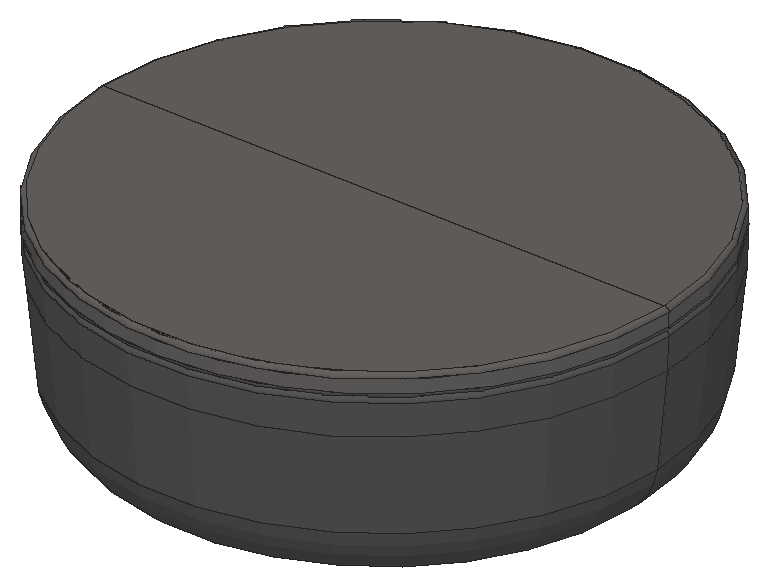
Revit family "Accessory-Remote_Puck-KOHLER-Parallel-K-29341T", category Specialty Equipment, host Face, Revit 2021
Family settings
  Host = Face
  Round Connector Dimension = Use Diameter
  Part Type = Normal
  OmniClass Number = 23.31.25.00
  OmniClass Title = Toilet and Bath Specialties
  Cut with Voids When Loaded = No
  Shared = No
  Room Calculation Point = No
Parameters (values of type "7-Black Black")
  Width = 2 143/256"  # constant formula
  WaterSense Certified = 1 = 0  # no
  URL = "http://www.kohler.com.cn/"
  Type = 1
  Product Page URL = ""
  Product Name = "Parallel"  # constant formula
  Product Documentation Link = ""
  Model = "K-29341T-7"  # constant formula
  Material = "Plastic"  # constant formula
  Master Format 2014 Name = "Toilet, Bath, and Laundry Accessories"  # constant formula
  Master Format 2014 = "10 28 00"  # constant formula
  Manufacturer Address = "Kohler Beijing Office (100016)36-2-03-B, No. 88, Liuxiang Road, Beijing"  # constant formula
  Manufacturer = "Kohler Co."  # constant formula
  Length = 243/256"  # constant formula
  Height = 2 143/256"  # constant formula
  Finish = Kohler-Plastic-7-Black_Black
  Environmental Product Declaration = ""
  Description = "Remote Puck"  # constant formula
  Default Elevation = 42"
  Declare Label = ""
  Date Modified = "10/20/2023"  # constant formula
  Date Created = "10/20/2023"  # constant formula
  Copyright = "Copyright Kohler Co."  # constant formula
  Contact Us = "http://www.kohler.com.cn/contact/contact-us/"
  Assembly Code = "C1030200"
  ADA Compliant = 1 = 0  # no
Reference planes (in)
  plane 1 "Center (Front/Back)": y = 0
  plane 2: z = 0
  plane 3 "Center (Left/Right)": x = 0
  plane 4: y = -1.27953
  plane 5: y = 1.27907
  plane 6: x = -1.27953
  plane 7: x = 1.27907
  plane 8: z = 0.94922
  plane 9: z = 0.85079
  plane 10: z = 0.01576
Dimensions and locks (in)
  "Width": plane 6 to plane 7
  "Height": plane 5 to plane 4
  "Length": plane 8 to level
  plane 8 to plane 9 = 0.09843"
  aligned and locked: plane 2 to host face
  aligned and locked: level to host face
Automatic sketch dimensions
  host sketch curve to host sketch curve = 96"  (x2)
Nested families (in)
  nested 1: "K-29341T" at (0, 0, 0), type "K-29341T"
Definition of nested family "K-29341T"
  Parameters (values of type "K-29341T")
    Material = none
    Default Elevation = 0"
  Reference planes (in)
    plane 1 "Center (Front/Back)": y = 0
    plane 2: z = 0
    plane 3 "Center (Left/Right)": x = 0
    plane 4: y = 1.27953
    plane 5: y = -1.27953
    plane 6: x = -1.27953
    plane 7: x = 1.27953
    plane 8: z = 0.94883
    plane 9: z = 0.01576
    plane 10: z = 0.8504
  Forms (in)
    Revolve 1, solid, detail levels medium+fine
      sketch origin (0, 0, 0) x (1, 0, 0) y (0, 0, 1)
        loop
          line (0, 0.07644) -> (0, 0.03109) -> (0.71909, 0.03109) -> (0.71909, 0) -> (0.85351, 0)
          arc (0.85351, 0) -> (0.86743, 0.00577) -> (0.8732, 0.01969) r 0.01969
          line (0.8732, 0.01969) -> (0.8732, 0.07644) -> (0, 0.07644)
        axis (0, 0.07644) -> (0, 0)
      angle from 0 to 360
    Revolve 2, solid, material <- "Material", detail levels medium+fine
      sketch origin (0, 0, 0) x (1, 0, 0) y (0, 0, 1)
        loop
          line (0, 0.8504) -> (0, 0.07644) -> (0.84684, 0.07644) -> (0.84684, 0.01576) -> (0.91821, 0.01576)
          arc (0.91821, 0.01576) -> (1.12123, 0.08992) -> (1.22864, 0.27749) r 0.31496
          arc (1.22864, 0.27749) -> (1.25749, 0.48439) -> (1.27335, 0.69269) r 3.34139
          line (1.27335, 0.69269) -> (1.27951, 0.83012)
          arc (1.27951, 0.83012) -> (1.27415, 0.84441) -> (1.26012, 0.8504) r 0.01941
          line (1.26012, 0.8504) -> (0, 0.8504)
        axis (0, 0.8504) -> (0, 0.01576)
      angle from 0 to 360
    Revolve 3, solid
      sketch origin (0, 0, 0) x (1, 0, 0) y (0, 0, 1)
        loop
          line (0, 0.8504) -> (1.25984, 0.8504)
          arc (1.25984, 0.8504) -> (1.27376, 0.85617) -> (1.27953, 0.87009) r 0.01969
          line (1.27953, 0.87009) -> (1.27953, 0.92914)
          arc (1.27953, 0.92914) -> (1.27376, 0.94306) -> (1.25984, 0.94883) r 0.01969
          line (1.25984, 0.94883) -> (0, 0.94883) -> (0, 0.8504)
        axis (0, 0.94883) -> (0, 0.8504)
      angle from 0 to 360
    Revolve 4, solid, material <- "Material", detail levels coarse
      sketch origin (0, 0, 0) x (1, 0, 0) y (0, 0, 1)
        loop
          line (0, 0.85051) -> (0, 0) -> (0.94691, 0)
          arc (0.94691, 0) -> (1.16093, 0.08586) -> (1.25628, 0.29583) r 0.30969
          line (1.25628, 0.29583) -> (1.28113, 0.85051) -> (0, 0.85051)
        axis (0, 0.85051) -> (0, 0)
      angle from 0 to 360
  Lines and regions (in)
    Masking region 1
      outline origin (0, 0, 0) x (1, 0, 0) y (0, 1, 0)
        loop
          circle (0, 0) r 1.27953
    Masking region 2
      outline origin (0, 0, 0) x (1, 0, 0) y (0, 0, 1)
        loop
          arc (-1.25984, 0.94883) -> (-1.27376, 0.94306) -> (-1.27953, 0.92914) r 0.01969
          line (-1.27953, 0.92914) -> (-1.27953, 0.87009)
          arc (-1.27953, 0.87009) -> (-1.27383, 0.85623) -> (-1.26003, 0.8504) r 0.01968
          arc (-1.26003, 0.8504) -> (-1.27394, 0.84467) -> (-1.27952, 0.8307) r 0.01932
          arc (-1.27952, 0.8307) -> (-1.26355, 0.55192) -> (-1.22675, 0.27512) r 3.72603
          arc (-1.22675, 0.27512) -> (-1.12034, 0.08925) -> (-0.91917, 0.01576) r 0.31206
          line (-0.91917, 0.01576) -> (-0.87501, 0.01576)
          arc (-0.87501, 0.01576) -> (-0.86491, 0.00427) -> (-0.85022, 0) r 0.02738
          line (-0.85022, 0) -> (0.85022, 0)
          arc (0.85022, 0) -> (0.86491, 0.00427) -> (0.87501, 0.01576) r 0.02738
          line (0.87501, 0.01576) -> (0.91917, 0.01576)
          arc (0.91917, 0.01576) -> (1.12034, 0.08925) -> (1.22675, 0.27512) r 0.31206
          arc (1.22675, 0.27512) -> (1.26355, 0.55192) -> (1.27952, 0.8307) r 3.72603
          arc (1.27952, 0.8307) -> (1.27394, 0.84467) -> (1.26003, 0.8504) r 0.01932
          arc (1.26003, 0.8504) -> (1.27383, 0.85623) -> (1.27953, 0.87009) r 0.01968
          line (1.27953, 0.87009) -> (1.27953, 0.92914)
          arc (1.27953, 0.92914) -> (1.27376, 0.94306) -> (1.25984, 0.94883) r 0.01969
          line (1.25984, 0.94883) -> (-1.25984, 0.94883)
    Masking region 3
      outline origin (0, 0, 0) x (0, 1, 0) y (0, 0, 1)
        loop
          line (1.25984, 0.94883) -> (-1.25984, 0.94883)
          arc (-1.25984, 0.94883) -> (-1.27376, 0.94306) -> (-1.27953, 0.92914) r 0.01969
          line (-1.27953, 0.92914) -> (-1.27953, 0.87009)
          arc (-1.27953, 0.87009) -> (-1.27383, 0.85623) -> (-1.26003, 0.8504) r 0.01968
          arc (-1.26003, 0.8504) -> (-1.27394, 0.84467) -> (-1.27952, 0.8307) r 0.01932
          arc (-1.27952, 0.8307) -> (-1.26355, 0.55192) -> (-1.22675, 0.27512) r 3.72603
          arc (-1.22675, 0.27512) -> (-1.12034, 0.08925) -> (-0.91917, 0.01576) r 0.31206
          line (-0.91917, 0.01576) -> (-0.87501, 0.01576)
          arc (-0.87501, 0.01576) -> (-0.86491, 0.00427) -> (-0.85022, 0) r 0.02738
          line (-0.85022, 0) -> (0.85022, 0)
          arc (0.85022, 0) -> (0.86491, 0.00427) -> (0.87501, 0.01576) r 0.02738
          line (0.87501, 0.01576) -> (0.91917, 0.01576)
          arc (0.91917, 0.01576) -> (1.12034, 0.08925) -> (1.22675, 0.27512) r 0.31206
          arc (1.22675, 0.27512) -> (1.26355, 0.55192) -> (1.27952, 0.8307) r 3.72603
          arc (1.27952, 0.8307) -> (1.27394, 0.84467) -> (1.26003, 0.8504) r 0.01932
          arc (1.26003, 0.8504) -> (1.27383, 0.85623) -> (1.27953, 0.87009) r 0.01968
          line (1.27953, 0.87009) -> (1.27953, 0.92914)
          arc (1.27953, 0.92914) -> (1.27376, 0.94306) -> (1.25984, 0.94883) r 0.01969
    symbolic lines, detail levels medium+fine
      curve 1: circle (0, 0, 0) r 1.25984 normal (0, 0, 1)
      curve 2: line (-1.27953, 0, 0.92914) -> (1.27953, 0, 0.92914)
      curve 3: line (-1.27953, 0, 0.87009) -> (1.27953, 0, 0.87009)
      curve 4: line (1.26003, 0, 0.8504) -> (-1.26003, 0, 0.8504)
      curve 5: line (-1.27952, 0, 0.8307) -> (1.27952, 0, 0.8307)
      curve 6: line (0.87501, 0, 0.01576) -> (-0.87501, 0, 0.01576)
      curve 7: line (0, 1.27953, 0.92914) -> (0, -1.27953, 0.92914)
      curve 8: line (0, -1.27953, 0.87009) -> (0, 1.27953, 0.87009)
      curve 9: line (0, 1.26003, 0.8504) -> (0, -1.26003, 0.8504)
      curve 10: line (0, -1.27952, 0.8307) -> (0, 1.27952, 0.8307)
      curve 11: line (0, 0.87501, 0.01576) -> (0, -0.87501, 0.01576)
  Dimensions and locks (in)
    aligned and locked: plane 2 to level
